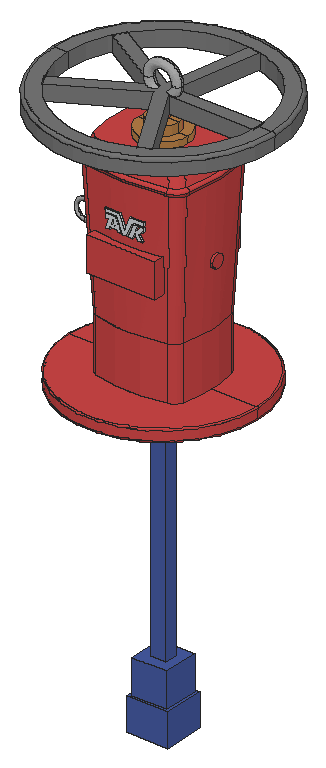
Revit family "34-80-001 DN50-400", category Pipe Accessories, Revit 2022
Family settings
  Round Connector Dimension = Use Diameter
  Part Type = Valve - Breaks Into
  Work Plane-Based = No
  Always vertical = No
  Cut with Voids When Loaded = No
  Shared = No
Parameters (values of type "DN400_stem length 750")
  eye_bolt_dim1 = 30.00 mm  # constant formula
  eye_bolt_H = 44.00 mm  # constant formula
  Stem_length1 = size_lookup(Search_table, "Stem_length1", 0.00 mm, DN)  # 500.00 mm
  Stem_length = size_lookup(Search_table, "Stem_length", 0.00 mm, DN)  # 750.00 mm
  Handwheel_dia1 = Handwheel_dia * 0.85  # 153.00 mm
  Handwheel_dia = 360.00 mm / 2  # 180.00 mm
  Fillet = 15.00 mm  # constant formula
  FL_dia = size_lookup(Search_table, "FL_dia", 0.00 mm, DN) / 2  # 152.50 mm
  FL_T = size_lookup(Search_table, "FL_T", 0.00 mm, DN)  # 19.00 mm
  Description_ = "AVK WALL POST INDICATOR"
  Default Elevation = 0.00 mm
  DN400_stem length 750 = "34-400-80-01010010"
  DN350_stem length 750 = "34-350-80-01010010"
  DN350_stem length 250 = "34-350-80-00010010"
  DN350_stem length 1250 = "34-350-80-02010010"
  DN300_stem length 750 = "34-300-80-01010010"
  DN300_stem length 250 = "34-300-80-00010010"
  DN300_stem length 1250 = "34-300-80-02010010"
  DN250_stem length 750 = "34-250-80-01010010"
  DN250_stem length 250 = "34-250-80-00010010"
  DN250_stem length 1250 = "34-250-80-02010010"
  DN200_stem length 750 = "34-200-80-01010010"
  DN200_stem length 250 = "34-200-80-00010010"
  DN200_stem length 1250 = "34-200-80-02010010"
  DN150_stem length 750 = "34-150-80-01010010"
  DN150_stem length 1250 = "34-150-80-02010010"
  DN080_stem length 250 = "34-080-80-00010010"
  DN150_stem length 250 = "34-150-80-00010010"
  DN100_stem length 1250 = "34-100-80-02010010"
  DN100_stem length 750 = "34-100-80-01010010"
  DN050_stem length 250 = "34-050-80-00010010"
  DN100_stem length 250 = "34-100-80-00010010"
  DN065_stem length 250 = "34-065-80-00010010"
  Search_table = "34-80-001 DN50-400"
  URL product pages = "https://www.avkvalves.com/P.aspx?no=340508000010010"
  DN = 400.00 mm
  Body_H = 468.00 mm  # constant formula
  8 = 8.00 mm  # constant formula
  70 = 70.00 mm  # constant formula
  66 = 33.00 mm  # constant formula
  56 = 28.00 mm  # constant formula
  55 = 55.00 mm  # constant formula
  52.5 = 52.50 mm  # constant formula
  40 = 40.00 mm  # constant formula
  360 = 360.00 mm  # constant formula
  330 = 330.00 mm  # constant formula
  30 = 30.00 mm  # constant formula
  20 = 20.00 mm  # constant formula
  2 = 2.00 mm  # constant formula
  177 = 177.00 mm  # constant formula
  15 = 15.00 mm  # constant formula
  115 = 125.00 mm  # constant formula
  105 = 105.00 mm  # constant formula
  7 = 7.00 mm  # constant formula
  5 = 5.00 mm  # constant formula
  25 = 25.00 mm  # constant formula
  156 = 156.00 mm / 2  # 78.00 mm
  104 = 104.00 mm  # constant formula
  10 = 10.00 mm  # constant formula
  1 = 1.00 mm  # constant formula
Types (23, lengths in mm): name | Stem_length1 | Stem_length | DN
  (no name) | 500.00 | 750.00 | 400.00
  DN050_stem length 250 | 0.00 | 250.00 | 50.00
  DN065_stem length 250 | 0.00 | 250.00 | 65.00
  DN080_stem length 250 | 0.00 | 250.00 | 80.00
  DN100_stem length 250 | 0.00 | 250.00 | 100.00
  DN100_stem length 750 | 500.00 | 750.00 | 100.10
  DN100_stem length 1250 | 1000.00 | 1250.00 | 100.20
  DN150_stem length 250 | 0.00 | 250.00 | 150.00
  DN150_stem length 750 | 500.00 | 750.00 | 150.10
  DN150_stem length 1250 | 1000.00 | 1250.00 | 150.20
  DN200_stem length 250 | 0.00 | 250.00 | 200.00
  DN200_stem length 750 | 500.00 | 750.00 | 200.10
  DN200_stem length 1250 | 1000.00 | 1250.00 | 200.20
  DN250_stem length 250 | 0.00 | 250.00 | 250.00
  DN250_stem length 750 | 500.00 | 750.00 | 250.10
  DN250_stem length 1250 | 1000.00 | 1250.00 | 250.20
  DN300_stem length 250 | 0.00 | 250.00 | 300.00
  DN300_stem length 750 | 500.00 | 750.00 | 300.10
  DN300_stem length 1250 | 1000.00 | 1250.00 | 300.20
  DN350_stem length 250 | 0.00 | 250.00 | 350.00
  DN350_stem length 750 | 500.00 | 750.00 | 350.10
  DN350_stem length 1250 | 1000.00 | 1250.00 | 350.20
  DN400_stem length 750 | 500.00 | 750.00 | 400.00
Reference planes
  plane 1 "Center (Front/Back)": y = 0
  plane 2: z = 0
  plane 3 "Center (Left/Right)": x = 0
  plane 4: z = 468
  plane 5: x = -180
  plane 6: x = 180
  plane 7: z = 424
  plane 8: through (0, 0, 1200) normal (-0.866, 0.5, 0)
  plane 9: through (0, 0, 1200) normal (-0.866, -0.5, 0)
  plane 10: through (0, 0, 1200) normal (-0.5, -0.866, 0)
  plane 11: through (0, 0, 1200) normal (-0.5, 0.866, 0)
  plane 12: through (0, 0, 1200) normal (-0.9848, 0.1736, 0)
  plane 13: through (0, 0, 1200) normal (0.1736, 0.9848, 0)
  plane 14: x = -12.5
  plane 15: x = 12.5
  plane 16: z = 25
  plane 17: y = 10
  plane 18: y = -10
  plane 19: z = 105
  plane 20: x = -78
  plane 21: x = 78
  plane 22: y = 70
  plane 23: y = -70
  plane 24: z = 360
  plane 25: z = 330
  plane 26: z = 399
  plane 27: z = -500
  plane 28: z = -447.5
  plane 29: x = -14
  plane 30: x = 14
  plane 31: y = -20
  plane 32: y = 20
  plane 33: y = -91.8
  plane 34: z = -500
  plane 35: z = 177
  plane 36: z = 177
Forms (mm)
  Revolve 1, solid, material "Plastic(1)"
    sketch origin (0, 0, 0) x (1, 0, 0) y (0, 0, 1)
      loop
        line (70, 19) -> (70, 0) -> (150.5, 0)
        arc (150.5, 0) -> (151.914, 0.586) -> (152.5, 2) r 2
        line (152.5, 2) -> (152.5, 17)
        arc (152.5, 17) -> (151.914, 18.414) -> (150.5, 19) r 2
        line (150.5, 19) -> (70, 19)
      axis (0, 19) -> (0, 0)
    angle from 0 to 360
  Revolve 2, solid, material "Default Light Source"
    sketch origin (0, 0, 0) x (1, 0, 0) y (0, 0, 1)
      loop
        line (153, 424) -> (153, 399) -> (180, 399) -> (180, 419)
        arc (180, 419) -> (178.536, 422.536) -> (175, 424) r 5
        line (175, 424) -> (153, 424)
      axis (0, 424) -> (0, 399)
    angle from 0 to 360
  Sweep 3, solid, material "Poche"
    path origin (0, 0, 0) x (1, 0, 0) y (0, 0, 1)
      loop
        circle (0, 438) r 30
    profile origin (0, 0, 468) x (0, 0, -1) y (0, -1, 0)
      loop
        circle (7, 0) r 7
  Extrusion 4, solid, material "Default Light Source"
    sketch origin (-159.213, -1524, 65) x (-1, 0, 0) y (0, -1, 0)
      loop
        line (-171.131, -1534) -> (-195.629, -1672.939) -> (-175.933, -1676.412) -> (-151.845, -1539.801) -> (-31.711, -1609.16) -> (-21.711, -1591.84) -> (-139.213, -1524) -> (-21.711, -1456.16) -> (-31.711, -1438.84) -> (-155.553, -1510.34) -> (-227.053, -1386.498) -> (-244.373, -1396.498) -> (-176.534, -1514) -> (-312.213, -1514) -> (-312.213, -1534) -> (-171.131, -1534)
    from 334 to 359
  Extrusion 5, solid, material "Plastic"
    sketch origin (0, 0, 0) x (1, 0, 0) y (0, 0, 1)
      loop
        line (12.5, 25) -> (-12.5, 25) -> (-12.5, -392.5) -> (12.5, -392.5) -> (12.5, 25)
    from -10 to 10
  Extrusion 6, solid, material "Plastic(1)"
    sketch origin (0, 0, 0) x (1, 0, 0) y (0, 1, 0)
      loop
        arc (-57.071, 62.568) -> (-66.063, 57.465) -> (-71.305, 48.552) r 20
        arc (-71.305, 48.552) -> (-77.999, -0.021) -> (-71.667, -48.643) r 184.567
        arc (-71.667, -48.643) -> (-66.963, -56.906) -> (-58.974, -62.064) r 20
        arc (-58.974, -62.064) -> (-0.873, -69.993) -> (57.347, -62.987) r 230.235
        arc (57.347, -62.987) -> (66.331, -57.89) -> (71.573, -48.99) r 20
        arc (71.573, -48.99) -> (77.998, 0.104) -> (71.141, 49.139) r 184.567
        arc (71.141, 49.139) -> (65.821, 58.082) -> (56.729, 63.142) r 20
        arc (56.729, 63.142) -> (-0.207, 69.997) -> (-57.071, 62.568) r 230.235
    from 19 to 105
  SweptBlend 7, solid, material "Plastic(1)"
    path origin (0, 0, 0) x (1, 0, 0) y (0, 0, 1)
      loop
        line (0, 105) -> (0, 330)
    profile origin (0, 0, 105) x (-1, 0, 0) y (0, -1, 0)
      loop
        arc (71.305, -48.552) -> (77.999, 0.021) -> (71.667, 48.643) r 184.567
        arc (71.667, 48.643) -> (66.963, 56.906) -> (58.974, 62.064) r 20
        arc (58.974, 62.064) -> (0.873, 69.993) -> (-57.347, 62.987) r 230.235
        arc (-57.347, 62.987) -> (-66.331, 57.89) -> (-71.573, 48.99) r 20
        arc (-71.573, 48.99) -> (-77.998, -0.104) -> (-71.141, -49.139) r 184.567
        arc (-71.141, -49.139) -> (-65.821, -58.082) -> (-56.729, -63.142) r 20
        arc (-56.729, -63.142) -> (0.207, -69.997) -> (57.071, -62.568) r 230.235
        arc (57.071, -62.568) -> (66.063, -57.465) -> (71.305, -48.552) r 20
    end profile origin (0, 0, 330) x (-1, 0, 0) y (0, -1, 0)
      loop
        arc (82.562, -56.568) -> (88, -0.133) -> (82.613, 56.307) r 296.941
        arc (82.613, 56.307) -> (76.997, 66.777) -> (66.433, 72.214) r 20
        arc (66.433, 72.214) -> (0, 78) -> (-66.433, 72.214) r 384.25
        arc (-66.433, 72.214) -> (-76.997, 66.777) -> (-82.613, 56.307) r 20
        arc (-82.613, 56.307) -> (-88, -0.133) -> (-82.562, -56.568) r 296.941
        arc (-82.562, -56.568) -> (-76.889, -67.079) -> (-66.238, -72.482) r 20
        arc (-66.238, -72.482) -> (0, -78) -> (66.238, -72.482) r 400.321
        arc (66.238, -72.482) -> (76.889, -67.079) -> (82.562, -56.568) r 20
  Sweep 8, solid, material "Plastic(1)"
    path in 3D
      loop
        arc (-66.433, -72.214, 330) -> (-76.997, -66.777, 330) -> (-82.613, -56.307, 330) r 20
        arc (-82.613, -56.307, 330) -> (-88, 0.133, 330) -> (-82.562, 56.568, 330) r 296.941
        arc (-82.562, 56.568, 330) -> (-76.889, 67.079, 330) -> (-66.238, 72.482, 330) r 20
        arc (-66.238, 72.482, 330) -> (0, 78, 330) -> (66.238, 72.482, 330) r 400.321
        arc (66.238, 72.482, 330) -> (76.889, 67.079, 330) -> (82.562, 56.568, 330) r 20
        arc (82.562, 56.568, 330) -> (88, 0.133, 330) -> (82.613, -56.307, 330) r 296.941
        arc (82.613, -56.307, 330) -> (76.997, -66.777, 330) -> (66.433, -72.214, 330) r 20
        arc (66.433, -72.214, 330) -> (0, -78, 330) -> (-66.433, -72.214, 330) r 384.25
    profile origin (0, -78, 330) x (0, -1, 0) y (0, 0, 1)
      loop
        circle (0, 0) r 5
  SweptBlend 9, solid, material "Plastic(1)"
    path origin (0, 0, 0) x (1, 0, 0) y (0, 0, 1)
      loop
        line (0, 330) -> (0, 360)
    profile origin (0, 0, 330) x (-1, 0, 0) y (0, -1, 0)
      loop
        arc (-66.238, -72.482) -> (0, -78) -> (66.238, -72.482) r 400.321
        arc (66.238, -72.482) -> (76.889, -67.079) -> (82.562, -56.568) r 20
        arc (82.562, -56.568) -> (88, -0.133) -> (82.613, 56.307) r 296.941
        arc (82.613, 56.307) -> (76.997, 66.777) -> (66.433, 72.214) r 20
        arc (66.433, 72.214) -> (0, 78) -> (-66.433, 72.214) r 384.25
        arc (-66.433, 72.214) -> (-76.997, 66.777) -> (-82.613, 56.307) r 20
        arc (-82.613, 56.307) -> (-88, -0.133) -> (-82.562, -56.568) r 296.941
        arc (-82.562, -56.568) -> (-76.889, -67.079) -> (-66.238, -72.482) r 20
    end profile origin (0, 0, 360) x (-1, 0, 0) y (0, -1, 0)
      loop
        arc (-56.729, -63.142) -> (0.207, -69.997) -> (57.071, -62.568) r 230.235
        arc (57.071, -62.568) -> (66.063, -57.465) -> (71.305, -48.552) r 20
        arc (71.305, -48.552) -> (77.999, 0.021) -> (71.667, 48.643) r 184.567
        arc (71.667, 48.643) -> (66.963, 56.906) -> (58.974, 62.064) r 20
        arc (58.974, 62.064) -> (0.873, 69.993) -> (-57.347, 62.987) r 230.235
        arc (-57.347, 62.987) -> (-66.331, 57.89) -> (-71.573, 48.99) r 20
        arc (-71.573, 48.99) -> (-77.998, -0.104) -> (-71.141, -49.139) r 184.567
        arc (-71.141, -49.139) -> (-65.821, -58.082) -> (-56.729, -63.142) r 20
  Revolve 10, solid, material "Render Material 255-255-255"
    sketch origin (0, 0, 0) x (1, 0, 0) y (0, 0, 1)
      loop
        line (0, 370) -> (0, 360) -> (40, 360) -> (40, 370) -> (0, 370)
      axis (0, 370) -> (0, 360)
    angle from 0 to 360
  Revolve 11, solid, material "Render Material 255-255-255"
    sketch origin (0, 0, 0) x (1, 0, 0) y (0, 0, 1)
      loop
        line (0, 399) -> (0, 370) -> (25, 370) -> (25, 385) -> (8, 385) -> (8, 399) -> (0, 399)
      axis (0, 399) -> (0, 370)
    angle from 0 to 360
  Extrusion 12, solid, material "Plastic"
    sketch origin (0, 0, 0) x (1, 0, 0) y (0, 0, 1)
      loop
        line (33, -447.5) -> (-33, -447.5) -> (-33, -500) -> (33, -500) -> (33, -447.5)
    from -33 to 33
  Extrusion 13, solid, material "Plastic"
    sketch origin (0, 0, 0) x (1, 0, 0) y (0, 0, 1)
      loop
        line (-28, -392.5) -> (-28, -447.5) -> (28, -447.5) -> (28, -392.5) -> (-28, -392.5)
    from -28 to 28
  Extrusion 14, void
    sketch origin (0, 0, 0) x (-1, 0, 0) y (0, 0, 1)
      loop
        line (14, -447.5) -> (-14, -447.5) -> (-14, -500) -> (14, -500) -> (14, -447.5)
    from -20 to 20
  Extrusion 15, solid, material "Plastic(1)"
    sketch origin (0, 0, 0) x (1, 0, 0) y (0, 0, 1)
      loop
        line (-55, 232) -> (-55, 177) -> (55, 177) -> (55, 232) -> (-55, 232)
    from -85 to 85
  Extrusion 16, solid, material "Plastic(1)"
    sketch origin (0, 0, 0) x (1, 0, 0) y (0, 0, 1)
      loop
        line (-104, 225) -> (-104, 185) -> (0, 185) -> (0, 225) -> (-104, 225)
    from -10 to 10
  Sweep 17, solid, material "Poche"
    path origin (0, 0, 0) x (1, 0, 0) y (0, 0, 1)
      loop
        line (-104, 222) -> (-125, 222)
        arc (-125, 222) -> (-140, 207) -> (-125, 192) r 15
        line (-125, 192) -> (-104, 192)
    profile origin (-114.5, 0, 222) x (0, 0, -1) y (0, -1, 0)
      loop
        circle (0, 0) r 2.5
  Extrusion 18, solid, material "Plastic(1)"
    sketch origin (0, 0, 0) x (0, 1, 0) y (0, 0, 1)
      loop
        circle (0, 207) r 10
    from 0 to 88
Cuts and joins
  Extrusion 14 cuts Extrusion 12
  Extrusion 14 cuts Extrusion 13
Lines and regions (mm)
  sketch lines
    curve 1: arc (66.433, -72.214, 330) -> (0, -78, 330) -> (-66.433, -72.214, 330) r 384.25
    curve 2: arc (82.613, -56.307, 330) -> (76.997, -66.777, 330) -> (66.433, -72.214, 330) r 20
    curve 3: arc (82.562, 56.568, 330) -> (88, 0.133, 330) -> (82.613, -56.307, 330) r 296.941
    curve 4: arc (66.238, 72.482, 330) -> (76.889, 67.079, 330) -> (82.562, 56.568, 330) r 20
    curve 5: arc (-66.238, 72.482, 330) -> (0, 78, 330) -> (66.238, 72.482, 330) r 400.321
    curve 6: arc (-82.562, 56.568, 330) -> (-76.889, 67.079, 330) -> (-66.238, 72.482, 330) r 20
    curve 7: arc (-82.613, -56.307, 330) -> (-88, 0.133, 330) -> (-82.562, 56.568, 330) r 296.941
    curve 8: arc (-66.433, -72.214, 330) -> (-76.997, -66.777, 330) -> (-82.613, -56.307, 330) r 20
Dimensions and locks
  "FL_dia": Revolve 1 sketch curve to plane 3 "Center (Left/Right)"
  "FL_T": Revolve 1 to level
  "Handwheel_dia1": Revolve 2 sketch curve to plane 3 "Center (Left/Right)"
  "Handwheel_dia": Revolve 2 sketch curve to plane 3 "Center (Left/Right)"
  equal spacing: plane 6, plane 3 "Center (Left/Right)", plane 5
  "Handwheel_dia": plane 3 "Center (Left/Right)" to plane 5
  "Body_H": plane 4 to level
  "eye_bolt_H": plane 4 to Revolve 2
  "eye_bolt_H": plane 4 to plane 7
  "25": plane 7 to Revolve 2
  equal spacing: Sweep 3 sketch curve, plane 3 "Center (Left/Right)", Sweep 3 sketch curve
  "eye_bolt_H": Sweep 3 sketch curve to plane 7
  "7": plane 4 to Sweep 3 sketch curve
  equal spacing: Sweep 3 sketch curve, plane 1 "Center (Front/Back)", Sweep 3 sketch curve
  "eye_bolt_dim1": plane 4 to Sweep 3 sketch curve
  equal spacing: Extrusion 4 sketch curve, plane 1 "Center (Front/Back)", Extrusion 4 sketch curve
  "10": plane 1 "Center (Front/Back)" to Extrusion 4 sketch curve
  "25": plane 7 to Extrusion 4
  equal spacing: Extrusion 4 sketch curve, plane 11, Extrusion 4 sketch curve
  "Handwheel_dia1": Extrusion 4 sketch curve to plane 9
  "10": plane 11 to Extrusion 4 sketch curve
  equal spacing: Extrusion 4 sketch curve, plane 9, Extrusion 4 sketch curve
  "Handwheel_dia1": Extrusion 4 sketch curve to plane 11
  "10": plane 9 to Extrusion 4 sketch curve
  "Handwheel_dia1": Extrusion 4 sketch curve to plane 8
  "10": plane 10 to Extrusion 4 sketch curve
  equal spacing: Extrusion 4 sketch curve, plane 10, Extrusion 4 sketch curve
  equal spacing: Extrusion 4 sketch curve, plane 12, Extrusion 4 sketch curve
  "10": Extrusion 4 sketch curve to plane 12
  "Handwheel_dia1": Extrusion 4 sketch curve to plane 13
  "Handwheel_dia1": plane 3 "Center (Left/Right)" to Extrusion 4 sketch curve
  equal spacing: Extrusion 5 sketch curve, plane 3 "Center (Left/Right)", Extrusion 5 sketch curve
  equal spacing: plane 15, plane 3 "Center (Left/Right)", plane 14
  "25": plane 15 to plane 14
  "25": plane 16 to level
  equal spacing: Extrusion 5, plane 1 "Center (Front/Back)", Extrusion 5
  equal spacing: plane 17, plane 1 "Center (Front/Back)", plane 18
  "10": plane 17 to plane 1 "Center (Front/Back)"
  "105": plane 19 to level
  equal spacing: plane 21, plane 3 "Center (Left/Right)", plane 20
  "156": plane 3 "Center (Left/Right)" to plane 20
  equal spacing: plane 22, plane 1 "Center (Front/Back)", plane 23
  "70": plane 22 to plane 1 "Center (Front/Back)"
  "FL_T": Extrusion 6 to level
  "70": Revolve 1 sketch curve to plane 3 "Center (Left/Right)"
  "FL_T": Revolve 1 sketch curve to level
  "156": Extrusion 6 sketch curve to plane 3 "Center (Left/Right)"
  "70": plane 1 "Center (Front/Back)" to Extrusion 6 sketch curve
  "156": plane 3 "Center (Left/Right)" to Extrusion 6 sketch curve
  "70": Extrusion 6 sketch curve to plane 1 "Center (Front/Back)"
  "156": plane 1 "Center (Front/Back)" to SweptBlend 7 sketch curve
  "156": SweptBlend 7 sketch curve to plane 1 "Center (Front/Back)"
  "10": SweptBlend 7 sketch curve to plane 20
  "10": plane 21 to SweptBlend 7 sketch curve
  "330": SweptBlend 7 sketch curve to level
  equal spacing: Sweep 8 sketch curve, profile plane, Sweep 8 sketch curve  (x2)
  "360": plane 24 to level
  "330": plane 25 to level
  "360": SweptBlend 9 sketch curve to level
  "330": SweptBlend 9 sketch curve to level
  "10": Revolve 10 sketch curve to plane 24
  "40": Revolve 10 sketch curve to plane 3 "Center (Left/Right)"
  "25": plane 7 to plane 26
  "8": Revolve 11 sketch curve to plane 3 "Center (Left/Right)"
  "10": Revolve 11 sketch curve to plane 24
  "25": Revolve 11 sketch curve to plane 24
  "25": Revolve 11 sketch curve to plane 3 "Center (Left/Right)"
  "Stem_length1": level to plane 27
  "66": plane 3 "Center (Left/Right)" to Extrusion 12 sketch curve
  equal spacing: Extrusion 12 sketch curve, plane 3 "Center (Left/Right)", Extrusion 12 sketch curve
  "52.5": Extrusion 12 sketch curve to plane 27
  equal spacing: Extrusion 12, plane 1 "Center (Front/Back)", Extrusion 12
  "66": plane 1 "Center (Front/Back)" to Extrusion 12
  equal spacing: Extrusion 13 sketch curve, plane 3 "Center (Left/Right)", Extrusion 13 sketch curve
  "52.5": Extrusion 13 sketch curve to plane 27
  "56": plane 3 "Center (Left/Right)" to Extrusion 13 sketch curve
  "52.5": plane 28 to plane 27
  "55": Extrusion 13 to plane 28
  equal spacing: Extrusion 13, plane 1 "Center (Front/Back)", Extrusion 13
  "56": plane 1 "Center (Front/Back)" to Extrusion 13
  equal spacing: Extrusion 14 sketch curve, plane 3 "Center (Left/Right)", Extrusion 14 sketch curve
  "52.5": Extrusion 14 sketch curve to plane 27
  equal spacing: plane 30, plane 3 "Center (Left/Right)", plane 29  (x2)
  "56": plane 30 to plane 29
  equal spacing: plane 32, plane 1 "Center (Front/Back)", plane 31
  "40": plane 32 to plane 31
  equal spacing: Extrusion 15 sketch curve, plane 3 "Center (Left/Right)", Extrusion 15 sketch curve
  "55": Extrusion 15 sketch curve to plane 3 "Center (Left/Right)"
  "177": Extrusion 15 sketch curve to level
  "55": Extrusion 15 sketch curve to Extrusion 15 sketch curve
  equal spacing: Extrusion 15, plane 1 "Center (Front/Back)", Extrusion 15
  "15": Extrusion 15 to plane 22
  "Stem_length1": level to plane 34
  "177": plane 35 to level
  "8": Extrusion 16 sketch curve to plane 35
  "40": Extrusion 16 sketch curve to Extrusion 16 sketch curve
  "104": plane 3 "Center (Left/Right)" to Extrusion 16 sketch curve
  equal spacing: Extrusion 16, plane 1 "Center (Front/Back)", Extrusion 16
  "177": plane 36 to level
  "30": Sweep 17 sketch curve to plane 36
  "15": Sweep 17 sketch curve to plane 36
  "104": plane 3 "Center (Left/Right)" to Sweep 17 sketch curve  (x2)
  "115": plane 3 "Center (Left/Right)" to Sweep 17 sketch curve
  equal spacing: Sweep 17 sketch curve, profile plane, Sweep 17 sketch curve  (x2)
  equal spacing: Extrusion 18 sketch curve, plane 1 "Center (Front/Back)", Extrusion 18 sketch curve
  "30": Extrusion 18 sketch curve to plane 36
  "10": Extrusion 18 to plane 21
  "70": nested 1 to plane 36
  "5": radius of Revolve 2 sketch curve
  "7": radius of Sweep 3 sketch curve
  "2": radius of Revolve 1 sketch curve  (x2)
  "5": radius of Sweep 8 sketch curve
  "5": diameter of Sweep 17 sketch curve
  "10": radius of Extrusion 18 sketch curve
  angle plane 1 "Center (Front/Back)" to plane 8 = 60.00°
  angle plane 9 to plane 1 "Center (Front/Back)" = 60.00°
  angle plane 10 to plane 1 "Center (Front/Back)" = 30.00°
  angle plane 1 "Center (Front/Back)" to plane 11 = 30.00°
  angle plane 13 to plane 1 "Center (Front/Back)" = 10.00°
  angle plane 12 to plane 3 "Center (Left/Right)" = 10.00°
  aligned and locked: level to plane 2
  aligned and locked: Revolve 1 sketch curve to plane 3 "Center (Left/Right)"
  aligned and locked: level to Revolve 1 sketch curve
  aligned and locked: Revolve 2 sketch curve to plane 3 "Center (Left/Right)"
  aligned and locked: plane 7 to Extrusion 4
  aligned and locked: Extrusion 5 sketch curve to plane 14
  aligned and locked: plane 16 to Extrusion 5 sketch curve
  aligned and locked: Extrusion 5 to plane 17
  aligned and locked: plane 19 to Extrusion 6
  aligned and locked: plane 3 "Center (Left/Right)" to SweptBlend 7 sketch curve
  aligned and locked: SweptBlend 7 sketch curve to Extrusion 6  (x8)
  aligned and locked: plane 3 "Center (Left/Right)" to SweptBlend 9 sketch curve
  aligned and locked: SweptBlend 9 sketch curve to Extrusion 6  (x8)
  aligned and locked: SweptBlend 9 sketch curve to SweptBlend 7  (x8)
  aligned and locked: plane 3 "Center (Left/Right)" to Revolve 10 sketch curve
  aligned and locked: plane 24 to Revolve 10 sketch curve
  aligned and locked: Revolve 10 sketch curve to plane 3 "Center (Left/Right)"
  aligned and locked: Revolve 11 sketch curve to plane 26
  aligned and locked: plane 3 "Center (Left/Right)" to Revolve 11 sketch curve
  aligned and locked: Revolve 11 sketch curve to plane 3 "Center (Left/Right)"
  aligned and locked: Extrusion 5 to Extrusion 13
  aligned and locked: plane 27 to Extrusion 14 sketch curve
  aligned and locked: Extrusion 14 sketch curve to plane 29
  aligned and locked: plane 31 to Extrusion 14
  aligned and locked: Extrusion 16 sketch curve to plane 3 "Center (Left/Right)"
  aligned and locked: plane 18 to Extrusion 16
  aligned and locked: Extrusion 18 to plane 3 "Center (Left/Right)"
  aligned and locked: Extrusion 12 to plane 27
Automatic sketch dimensions
  plane 36 to Revolve 1 sketch curve = 14.74 mm
  plane 24 to Revolve 1 sketch curve = 13.761 mm
  Revolve 2 sketch curve to plane 7 = 0.00 mm
  Revolve 2 sketch curve to Revolve 2 sketch curve = 20.00 mm
  plane 24 to Revolve 2 sketch curve = 22.833 mm
  plane 7 to Revolve 2 sketch curve = 12.129 mm
  Extrusion 5 sketch curve to plane 19 = 497.50 mm
  plane 1 "Center (Front/Back)" to Extrusion 6 sketch curve = 0.709 mm  (x2)
  Extrusion 6 sketch curve to plane 20 = 28.567 mm
  plane 20 to Extrusion 6 sketch curve = 25.568 mm
  plane 20 to Extrusion 6 sketch curve = 25.97 mm
  plane 3 "Center (Left/Right)" to Extrusion 6 sketch curve = 0.954 mm  (x2)
  Extrusion 6 sketch curve to plane 21 = 26.116 mm
  plane 31 to Extrusion 6 sketch curve = 23.633 mm
  plane 3 "Center (Left/Right)" to Extrusion 6 sketch curve = 52.304 mm
  plane 21 to Extrusion 6 sketch curve = 28.567 mm
  plane 33 to Extrusion 6 sketch curve = 68.435 mm
  plane 1 "Center (Front/Back)" to Extrusion 6 sketch curve = 43.164 mm
  plane 22 to Extrusion 6 sketch curve = 26.786 mm
  plane 22 to Extrusion 6 sketch curve = 26.262 mm
  Extrusion 6 sketch curve to Extrusion 6 sketch curve = 97.093 mm
  plane 20 to Extrusion 6 sketch curve = 6.333 mm
  Extrusion 6 sketch curve to Extrusion 6 sketch curve = 0.00 mm  (x2)
  Extrusion 6 sketch curve to plane 23 = 7.013 mm
  SweptBlend 7 sketch curve to plane 19 = 0.00 mm
  plane 1 "Center (Front/Back)" to SweptBlend 7 sketch curve = 0.00 mm  (x2)
  SweptBlend 7 sketch curve to profile plane = 0.00 mm  (x2)
  profile plane to SweptBlend 7 sketch curve = 62.928 mm
  profile plane to SweptBlend 7 sketch curve = 62.975 mm
  SweptBlend 7 sketch curve to SweptBlend 7 sketch curve = 145.966 mm  (x2)
  SweptBlend 7 sketch curve to profile plane = 62.928 mm
  SweptBlend 7 sketch curve to profile plane = 62.975 mm
  SweptBlend 7 sketch curve to plane 1 "Center (Front/Back)" = 52.758 mm  (x2)
  SweptBlend 7 sketch curve to SweptBlend 7 sketch curve = 253.492 mm
  plane 1 "Center (Front/Back)" to SweptBlend 7 sketch curve = 52.515 mm  (x2)
  SweptBlend 7 sketch curve to SweptBlend 7 sketch curve = 250.108 mm
  SweptBlend 7 sketch curve to SweptBlend 7 sketch curve = 0.00 mm  (x4)
  plane 25 to Revolve 10 sketch curve = 9.753 mm
  Revolve 10 sketch curve to Revolve 10 sketch curve = 4.753 mm
  Revolve 11 sketch curve to Revolve 11 sketch curve = 2.246 mm
  Revolve 11 sketch curve to plane 26 = 7.754 mm
  Extrusion 12 sketch curve to level = 500.00 mm
  Extrusion 13 sketch curve to plane 19 = 497.50 mm
Nested families
  nested 1: "logo medium-11" at (-0.027, -75.355, 255.659) x (1, -0.0016, -0.0001) z (-0.0016, -0.9994, -0.0356), type "logo medium-11"
Connectors
  piping at (0, 0, 0), diameter 400, driven by "DN"
    settings: on level, index 1, connector inside diameter 609.6 mm, connector length 0.00 mm, flow factor 0, pipe flow 0.0 L/s, pressure drop 0.0 Pa, fitting loss kfactor 0, connector angle 0.00°, fixture units 0, engagement length 0.00 mm, angle of deflection 0.00°, flow configuration 0, flow direction 0, fitting loss method 0, system type 7, joint type 0, gender type 0, connector reference index -1, connector utility 0, adjustable connector no, is connector primary yes, connector description ""
Definition of nested family "logo medium-11"
  Parameters
    Default Elevation = 1219.20 mm
  Reference planes
    plane 1 "Center (Front/Back)": y = 0
    plane 2: z = 0
    plane 3 "Center (Left/Right)": x = 0
  Forms (mm)
    Extrusion 1, solid
      sketch origin (0, 0, 0) x (1, 0, 0) y (0, 1, 0)
        loop
          line (-1219.2, 1219.2) -> (-1219.2, -1219.2) -> (1219.2, -1219.2) -> (1219.2, 1219.2) -> (-1219.2, 1219.2)
      from 0 to -188.781
    Extrusion 2, solid
      sketch origin (0, 0, 0) x (1, 0, 0) y (0, 1, 0)
        loop
          line (-30.911, 14.607) -> (-12.952, 14.607) -> (-3.438, -8.594) -> (3.26, -8.594) -> (12.676, 14.607) -> (30.732, 14.607) -> (30.732, 20.529) -> (7.968, 20.529) -> (0, 0) -> (-8.195, 20.529) -> (-30.911, 20.529) -> (-30.911, 14.607)
        loop
          line (30.732, 6.453) -> (30.732, 12.569) -> (24.908, 12.569)
          arc (24.908, 12.569) -> (22.993, 7.075) -> (17.724, 4.608) r 7.492
          line (17.724, 4.608) -> (20.928, 12.569) -> (14.521, 12.569) -> (5.881, -8.594) -> (12.434, -8.594) -> (15.777, -0.405) -> (21.354, -8.594) -> (29.424, -8.594) -> (22.319, 0.649)
          arc (22.319, 0.649) -> (26.344, 2.972) -> (29.424, 6.453) r 14.456
          line (29.424, 6.453) -> (30.732, 6.453)
        loop
          line (-5.865, -8.594) -> (-14.796, 12.569) -> (-30.911, 12.569) -> (-30.911, 6.453) -> (-25.086, 6.453) -> (-30.911, -8.594) -> (-25.086, -8.594) -> (-23.728, -5.084) -> (-13.656, -5.084) -> (-12.175, -8.594) -> (-5.865, -8.594)
        loop
          line (-18.776, 7.618) -> (-21.494, 0) -> (-15.961, 0) -> (-18.776, 7.618)
      from 0 to 2
  Dimensions and locks
    aligned and locked: plane 2 to Extrusion 1
    aligned and locked: level to Extrusion 1
    aligned and locked: Extrusion 2 sketch curve to import instance  (x36)
